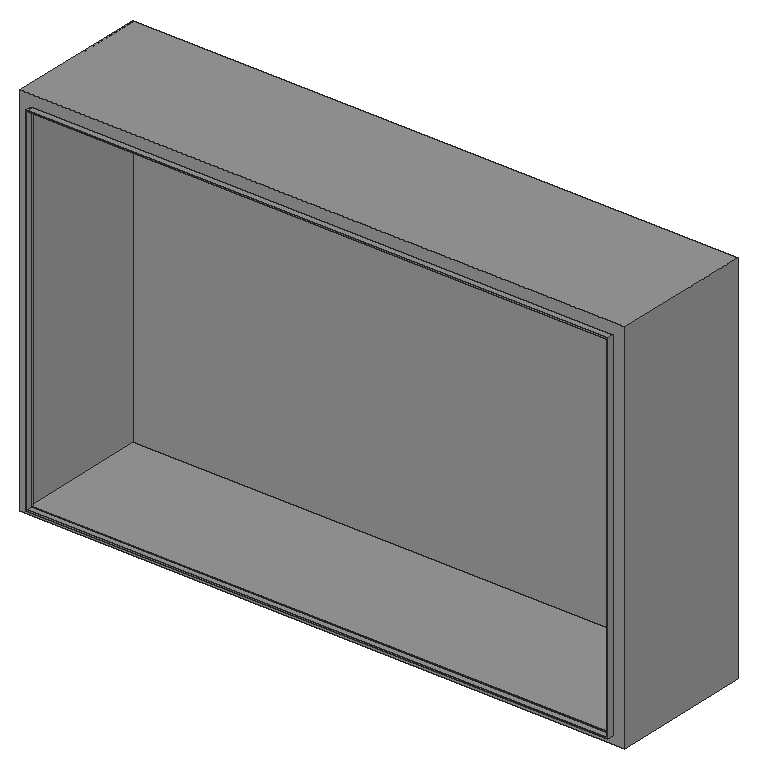
Revit family "Hager-Univers-IP30-D205-H500-Cl.II-Encl-NoHosted-CH-en", category Equipement électrique, Revit 2020
Family settings
  Configuration du panneau = Deux colonnes, circuits au sein
  Cote de connecteur circulaire = Utiliser le diamètre
  Type d'élément = Tableau de raccordement
  Basée sur le plan de construction = Oui
  Toujours verticalement = Oui
  Couper avec des vides une fois chargée = Non
  Partagée = Non
  Point de calcul de pièce = Non
Parameters (values of type "Surface mounted (plaster) IP30 W800 H500 D205  - FP33Q1S")
  Width Control [instance] = if([EF000008 - Width] > Min Width, [EF000008 - Width], Min Width)  # 800 mm
  Commentaires du type = [HG000003 - Range]  # "Univers"
  Thickness Door [instance] = if([EF009171 - Material plate thickness door/cover] > 3 mm, 3 mm, [EF009171 - Material plate thickness door/cover])  # 1 mm
  Seal Frame Offset [instance] = 17 mm  # constant formula
  Plinth Visibility [instance] = [HG000027 - Plinth height] > 0 mm  # no
  Min Width [instance] = 100 mm  # constant formula
  Min Depth [instance] = (2 * [EF009170 - Material plate thickness cabinet]) + 1 mm  # 3 mm
  Min Height [instance] = 100 mm  # constant formula
  Internal Frame Depth [instance] = (Door System Depth * 0.5)  # 9 mm
  Panel Name [instance] = ""  # (empty or 0)
  Model = ""
  HG000027 - Plinth height = 0 mm
  HG000026 - Floor standing = no
  HG000024 - Bottom section height = 600 mm
  HG000023 - Double section enclosure = no
  HG000016 - Door 3d visibility [instance] = yes
  HG000015 - Clearance visibility [instance] = no
  HG000014 - Door on the right [instance] = yes
  HG000013 - Door on the left [instance] = not([HG000014 - Door on the right])  # no
  HG000012 - Door swing angle [instance] = 30.00°
  HG000010 - Asymmetric doors = no
  HG000009 - Double swing door = no
  HG000006 - Flush mounted = no
  HG000004 - Manufacturer reference = "FP33Q1S"
  HG000003 - Range = "Univers"
  HG000002 - With door or cover = no
  Frame Offset Bottom [instance] = 10 mm  # constant formula
  Frame Offset [instance] = 15 mm  # constant formula
  EF015940 - Cover with overpressure release = no
  EF011959 - Degree of protection (NEMA) = ""
  EF009554 - Number of openings for flange plates = 6
  EF009212 - Cover model = "EV009916 - With notch"
  EF009171 - Material plate thickness door/cover = 1 mm
  EF009170 - Material plate thickness cabinet = 1 mm
  EF008873 - Nominal current (In) = 250 A
  EF007800 - Suitable for lightning protection = no
  EF006306 - With lock = no
  EF006244 - Transparent cover/door = no
  EF005474 - Degree of protection (IP) = "EV006410 - IP30"
  EF004464 - Type of door = "EV000494 - None"
  EF004427 - Number of modules = 108
  EF004293 - Impact strength = "EV006813 - IK07"
  EF003532 - Suitable for outdoor use = no
  EF002950 - Width in number of modular spacings = 36
  EF001613 - Circuit integrity = "EV000494 - None"
  EF001596 - Material housing = "EV000179 - Steel"
  EF001131 - Internal depth = 130 mm
  EF001088 - Extension possible = yes
  EF000437 - Number of conduit inlets = 6
  EF000339 - Type of cover = "EV000494 - None"
  EF000266 - Number of rows = 3
  EF000218 - Built-in depth = 0 mm
  EF000118 - With mounting plate = no
  EF000116 - RAL-number = "9010"
  EF000049 - Depth = 205 mm
  EF000040 - Height = 500 mm
  EF000008 - Width = 800 mm
  EF000007 - Colour = "EV000202 - White"
  EF000003 - Mounting method = "EV000384 - Surface mounted (plaster)"
  Door System Leaf Tolerance [instance] = 1.5 mm  # constant formula
  Door System Depth [instance] = 18 mm  # constant formula
  Door Height [instance] = Height Control - [HG000027 - Plinth height]  # 500 mm
  Description = ""
  Default Elevation = 1219.2 mm
  Connector Offset [instance] = Height Control / 2  # 250 mm
  Fabricant = "Hager"  # constant formula
  Height Control [instance] = if([EF000040 - Height] > Min Height, [EF000040 - Height], Min Height)  # 500 mm
  Depth Control [instance] = if([EF000049 - Depth] > Min Depth, [EF000049 - Depth], Min Depth)  # 205 mm
  Bottom Top Plate Trim [instance] = 1.5 mm  # constant formula
  Plinth height Ctrl [instance] = if([HG000027 - Plinth height] > 0 mm, [HG000027 - Plinth height], 12 mm)  # 12 mm
Types (5, lengths in mm): name | Width Control | HG000004 - Manufacturer reference | EF009554 - Number of openings for flange plates | EF004427 - Number of modules | EF002950 - Width in number of modular spacings | EF000437 - Number of conduit inlets | EF000008 - Width
  Surface mounted (plaster) IP30 W1050 H500 D205  - FP34Q1S | 1050 | "FP34Q1S" | 8 | 144 | 48 | 8 | 1050
  Surface mounted (plaster) IP30 W1300 H500 D205  - FP35Q1S | 1300 | "FP35Q1S" | 10 | 180 | 60 | 10 | 1300
  Surface mounted (plaster) IP30 W300 H500 D205  - FP31Q1S | 300 | "FP31Q1S" | 2 | 36 | 12 | 2 | 300
  Surface mounted (plaster) IP30 W550 H500 D205  - FP32Q1S | 550 | "FP32Q1S" | 4 | 72 | 24 | 4 | 550
  Surface mounted (plaster) IP30 W800 H500 D205  - FP33Q1S | 800 | "FP33Q1S" | 6 | 108 | 36 | 6 | 800
Reference planes
  plane 1 "Center (Front/Back)": y = 0
  plane 2: z = 0
  plane 3 "Center (Left/Right)": x = 0
  plane 4: y = 0
  plane 5: y = 0
  plane 6: z = 0
  plane 7: x = -400
  plane 8: x = 400
  plane 9: x = 399
  plane 10: x = -399
  plane 11: z = 0
  plane 12: z = 1
  plane 13: y = -205
  plane 14: y = -1
  plane 15: x = 0
  plane 16: y = -187
  plane 17: y = -204
  plane 18: y = -186
  plane 19: x = -384
  plane 20: x = 384
  plane 21: z = 11
  plane 22: x = -383
  plane 23: x = 383
  plane 24: z = 0
  plane 25: z = 500
  plane 26: z = 500
  plane 27: z = 484
  plane 28: z = 499
Forms (mm)
  Extrusion 1, solid, material "Hager_Steel_RAL7035_Light_Grey", detail levels medium+fine
    sketch origin (-208.679, -4572, 0) x (-1, 0, 0) y (0, -1, 0)
      loop
        line (191.321, -4385) -> (-608.679, -4385) -> (-608.679, -4572) -> (191.321, -4572) -> (191.321, -4385)
    from 0 to 500
  Extrusion 2, void
    sketch origin (-350.771, -205, 1219.2) x (1, 0, 0) y (0, 0, 1)
      loop
        line (-48.229, -720.2) -> (-48.229, -1218.2) -> (749.771, -1218.2) -> (749.771, -720.2) -> (-48.229, -720.2)
    from -19 to -204
  Extrusion 3, void
    sketch origin (-290.084, -187, 1219.2) x (1, 0, 0) y (0, 0, 1)
      loop
        line (-93.916, -1208.2) -> (674.084, -1208.2) -> (674.084, -735.2) -> (-93.916, -735.2) -> (-93.916, -1208.2)
    from 0 to -1
  Extrusion 4, solid, material "Hager_Steel_RAL7035_Light_Grey", visible <- "Plinth Visibility", detail levels medium+fine
    sketch origin (0, 0, 0) x (1, 0, 0) y (0, 1, 0)
      loop
        line (-400, 0) -> (-400, -187) -> (400, -187) -> (400, 0) -> (-400, 0)
    from 0 to 12 <- "Plinth height Ctrl"
  Extrusion 5, solid, material "Hager_Steel_RAL7035_Light_Grey", detail levels coarse
    sketch origin (0, 0, 0) x (1, 0, 0) y (0, 1, 0)
      loop
        line (-400, 0) -> (-400, -205) -> (400, -205) -> (400, 0) -> (-400, 0)
    from 0 to 500 <- "Height Control"
  Sweep 6, void
    path in 3D
      loop
        line (-400, -187, 12) -> (400, -187, 12) -> (400, 0, 12) -> (-400, 0, 12) -> (-400, -187, 12)
    profile origin (-400, -93.5, 12) x (1, 0, 0) y (0, 0, 1)
      loop
        line (0, 0) -> (0, -1.5) -> (1.5, -1.5)
        arc (1.5, -1.5) -> (1.061, -0.439) -> (0, 0) r 1.5
  Extrusion 7, solid, material "Hager_Steel_RAL7035_Light_Grey", detail levels fine
    sketch origin (-400, -187, 0) x (1, 0, 0) y (0, 0, 1)
      loop
        line (16, 11) -> (784, 11) -> (784, 484) -> (16, 484) -> (16, 11)
      loop
        line (15, 10) -> (785, 10) -> (785, 485) -> (15, 485) -> (15, 10)
    from 0 to 9 <- "Internal Frame Depth"
Cuts and joins
  Extrusion 2, Extrusion 3 cuts Extrusion 1
  Sweep 6 cuts Extrusion 4
Lines and regions (mm)
  Masking region 1
    outline origin (0, 0, 0) x (1, 0, 0) y (0, 1, 0)
      loop
        line (-400, 0) -> (-400, -205) -> (400, -205) -> (400, 0) -> (-400, 0)
  Masking region 2, detail levels coarse
    outline origin (-290.084, -187, 1219.2) x (-1, 0, 0) y (0, 0, 1)
      loop
        line (-690.084, -1219.2) -> (109.916, -1219.2) -> (109.916, -719.2) -> (-690.084, -719.2) -> (-690.084, -1219.2)
  Masking region 3, detail levels coarse
    outline origin (0, 0, 0) x (0, 1, 0) y (0, 0, 1)
      loop
        line (0, 0) -> (0, 500) -> (-205, 500) -> (-205, 0) -> (0, 0)
  Masking region 4, visible <- "Plinth Visibility", detail levels medium+fine
    outline origin (0, 0, 0) x (0, 1, 0) y (0, 0, 1)
      loop
        line (-1.5, 12) -> (-185.5, 12)
        arc (-185.5, 12) -> (-185.939, 10.939) -> (-187, 10.5) r 1.5
        line (-187, 10.5) -> (-187, 0) -> (0, 0) -> (0, 10.5)
        arc (0, 10.5) -> (-1.061, 10.939) -> (-1.5, 12) r 1.5
  Masking region 5, detail levels medium+fine
    outline origin (0, 0, 594.038) x (0, 1, 0) y (0, 0, 1)
      loop
        line (0, -594.038) -> (0, -94.038) -> (-187, -94.038) -> (-187, -594.038) -> (0, -594.038)
  Masking region 6, detail levels medium+fine
    outline origin (-359.7, -187, 1211.883) x (-1, 0, 0) y (0, 0, 1)
      loop
        line (-759.7, -1211.883) -> (40.3, -1211.883) -> (40.3, -711.883) -> (-759.7, -711.883) -> (-759.7, -1211.883)
  Masking region 7, visible <- "Plinth Visibility", detail levels medium+fine
    outline origin (-320.334, -187, 1041.368) x (-1, 0, 0) y (0, 0, 1)
      loop
        line (-720.334, -1041.368) -> (79.666, -1041.368) -> (79.666, -1030.868)
        arc (79.666, -1030.868) -> (78.606, -1030.429) -> (78.166, -1029.368) r 1.5
        line (78.166, -1029.368) -> (-718.834, -1029.368)
        arc (-718.834, -1029.368) -> (-719.273, -1030.429) -> (-720.334, -1030.868) r 1.5
        line (-720.334, -1030.868) -> (-720.334, -1041.368)
  sketch lines
    curve 1: line (-400, 0, 12) -> (-400, -187, 12)
    curve 2: line (-400, -187, 12) -> (400, -187, 12)
    curve 3: line (400, 0, 12) -> (-400, 0, 12)
    curve 4: line (400, -187, 12) -> (400, 0, 12)
Dimensions and locks
  locked: plane 1 "Center (Front/Back)" to plane 5
  "EF009170 - Material plate thickness cabinet": plane 7 to plane 10
  "EF009170 - Material plate thickness cabinet": plane 8 to plane 9
  equal spacing: plane 7, plane 3 "Center (Left/Right)", plane 8
  "Width Control": plane 7 to plane 8
  "Depth Control": plane 4 to plane 13
  "EF009170 - Material plate thickness cabinet": plane 4 to plane 14
  "Height Control": plane 25 to level
  "HG000027 - Plinth height": plane 11 to level
  "EF009170 - Material plate thickness cabinet": plane 12 to plane 11
  "EF009170 - Material plate thickness cabinet": plane 17 to plane 13
  "EF009170 - Material plate thickness cabinet": plane 18 to plane 16
  "Frame Offset Bottom": plane 21 to plane 12
  "Frame Offset": plane 10 to plane 19
  "Frame Offset": plane 9 to plane 20
  "Door System Depth": plane 16 to plane 13
  "Seal Frame Offset": plane 7 to plane 22
  "Seal Frame Offset": plane 8 to plane 23
  "EF009170 - Material plate thickness cabinet": plane 26 to plane 28
  "Frame Offset": plane 28 to plane 27
  "Connector Offset": plane 2 to connector elem
  "Bottom Top Plate Trim": profile plane to Sweep 6 sketch curve
  "Bottom Top Plate Trim": Sweep 6 sketch curve to Sweep 6 sketch curve
  "Plinth height Ctrl": Masking region 4 sketch curve to level
  "Plinth height Ctrl": Masking region 7 sketch curve to level
  "Thickness Door": Extrusion 7 sketch curve to Extrusion 7 sketch curve  (x4)
  "Bottom Top Plate Trim": radius of Sweep 6 sketch curve
  "Bottom Top Plate Trim": radius of Masking region 4 sketch curve  (x2)
  "Bottom Top Plate Trim": radius of Masking region 7 sketch curve  (x2)
  aligned and locked: Extrusion 2 sketch curve to plane 12
  aligned and locked: Extrusion 2 sketch curve to plane 9
  aligned and locked: Extrusion 2 sketch curve to plane 10
  aligned and locked: Extrusion 2 to plane 14
  aligned and locked: Extrusion 1 sketch curve to plane 4
  aligned and locked: plane 8 to Extrusion 1 sketch curve
  aligned and locked: plane 7 to Extrusion 1 sketch curve
  aligned and locked: Extrusion 2 to plane 18
  aligned and locked: plane 19 to Extrusion 3 sketch curve
  aligned and locked: plane 20 to Extrusion 3 sketch curve
  aligned and locked: Extrusion 3 to Extrusion 2
  aligned and locked: Extrusion 3 sketch curve to plane 21
  aligned and locked: plane 3 "Center (Left/Right)" to nested 1
  aligned and locked: Extrusion 1 sketch curve to plane 16
  aligned and locked: Extrusion 4 sketch curve to cut or joined group of Extrusion 1, Extrusion 2, Extrusion 3
  aligned and locked: Masking region 1 sketch curve to plane 7
  aligned and locked: Masking region 1 sketch curve to plane 5
  aligned and locked: Masking region 1 sketch curve to plane 8
  aligned and locked: Masking region 2 sketch curve to level
  aligned and locked: level to Masking region 3 sketch curve
  aligned and locked: plane 1 "Center (Front/Back)" to Masking region 3 sketch curve
  aligned and locked: plane 13 to Masking region 3 sketch curve
  aligned and locked: plane 5 to Masking region 4 sketch curve
  aligned and locked: Masking region 2 sketch curve to plane 8
  aligned and locked: Masking region 2 sketch curve to plane 7
  aligned and locked: plane 7 to nested 2
  aligned and locked: nested 2 to plane 5
  aligned and locked: plane 5 to Masking region 5 sketch curve
  aligned and locked: plane 26 to Masking region 5 sketch curve
  aligned and locked: Extrusion 5 sketch curve to plane 8
  aligned and locked: Extrusion 5 sketch curve to plane 7
  aligned and locked: Extrusion 5 sketch curve to plane 5
  aligned and locked: Extrusion 3 sketch curve to plane 27
  aligned and locked: Extrusion 2 sketch curve to plane 28
  aligned and locked: Masking region 2 to plane 25
  aligned and locked: Extrusion 4 to plane 16
  aligned and locked: profile plane to Sweep 6 sketch curve
  aligned and locked: Masking region 5 sketch curve to plane 24
  aligned and locked: level to Masking region 4 sketch curve
  aligned and locked: Masking region 1 to plane 13
  aligned and locked: nested 1 to plane 16
  aligned and locked: Masking region 3 to plane 25
  aligned and locked: plane 16 to Masking region 4 sketch curve
  aligned and locked: Masking region 5 sketch curve to plane 16
  aligned and locked: plane 24 to plane 11
  aligned and locked: plane 26 to plane 25
  aligned and locked: plane 26 to cut or joined group of Extrusion 1, Extrusion 2, Extrusion 3
  aligned and locked: nested 1 to plane 24
  aligned and locked: Extrusion 1 to Extrusion 3
  aligned and locked: Masking region 6 sketch curve to plane 8
  aligned and locked: Masking region 6 sketch curve to plane 24
  aligned and locked: Masking region 6 sketch curve to plane 7
  aligned and locked: Masking region 6 sketch curve to plane 26
  aligned and locked: Masking region 7 sketch curve to plane 7
  aligned and locked: level to Masking region 7 sketch curve
  aligned and locked: Masking region 7 sketch curve to plane 8
  aligned and locked: Extrusion 7 sketch curve to cut or joined group of Extrusion 1, Extrusion 2, Extrusion 3  (x4)
Automatic sketch dimensions
  plane 19 to Extrusion 3 sketch curve = 0 mm
  Extrusion 3 sketch curve to plane 20 = 0 mm
  Extrusion 3 sketch curve to plane 21 = 0 mm
  Extrusion 4 sketch curve to plane 7 = 0 mm
  Extrusion 4 sketch curve to plane 8 = 0 mm
  Extrusion 4 sketch curve to plane 16 = 0 mm
  Masking region 1 sketch curve to plane 13 = 0 mm
  Masking region 2 sketch curve to plane 25 = 0 mm
  Masking region 3 sketch curve to plane 25 = 0 mm
  Extrusion 5 sketch curve to plane 13 = 0 mm
  profile plane to Sweep 6 sketch curve = 0 mm
Nested families
  nested 1: "EC000058_Univers_Door" at (0, -187, 0), Double <- "HG000009 - Double swing door", Transparent <- "EF006244 - Transparent cover/door", Angle <- "HG000012 - Door swing angle", Door_Right <- "HG000014 - Door on the right", Assymetrical <- "HG000010 - Asymmetric doors", Door <- "HG000002 - With door or cover", Width_Ctrl <- "Width Control", 3d_Door <- "HG000016 - Door 3d visibility", Clearance <- "HG000015 - Clearance visibility", Door_Left <- "HG000013 - Door on the left", Width <- "Width Control", Door_Depth <- "Door System Depth", Leaf_Tolerance <- "Door System Leaf Tolerance", Height <- "Door Height", Lock_Visibility <- "EF006306 - With lock", Thickness <- "Thickness Door", type "EC000058_Univers_Door", detail levels medium+fine
    with min_wh 3 mm, Width_Ctrl 800 mm, Width 800 mm, Transparent no, Thickness 1 mm, Seal_Material Hager_Rubber, Lock_Visibility no, Lock_Material Hager_Plastic_RAL9005_Jet_Black, Leaf_Width 800 mm, Leaf_Tolerance_External_Sides 0 mm, Leaf_Tolerance 1.5 mm, Leaf_Offset 0 mm, Leaf_Height 497 mm, Leaf_2_Width 800 mm, Leaf_2_Offset 400 mm, Leaf_1_Width 800 mm, Leaf_1_Offset 400 mm, Height_Ctrl 500 mm, Height 500 mm, Glass_Material Hager_Glass, Double_Clearance_Ctrl no, Double no, Door_Right_Ctrl no, Door_Right yes, Door_Material Hager_Steel_RAL7035_Light_Grey, Door_Left_Ctrl no, Door_Left no, Door_Depth 18 mm, Door no, Clearance_Material Hager_Clearance, Clearance_Depth 800 mm, Clearance_Ctrl no, Clearance no, Assymetrical no, Angle 30.00°, 3d_Door yes
  nested 2: "Hager_Enclosure_Symbol" at (-400, 0, 0), Height <- "Depth Control", Width <- "Width Control", type "Hager_Enclosure_Symbol"
    with Width_Ctrl 800 mm, Width 800 mm, Height_Ctrl 205 mm, Height 205 mm, A_Width_Int 13.453 mm, A_Width 161.438 mm, A_Height_Ctrl 179.375 mm, A_Height 179.375 mm
Connectors
  electrical at (0, 0, 250)
    settings: on plane 1 "Center (Front/Back)", index 1, voltage 0 V, apparent load 0 VA, apparent load phase1 0 VA, apparent load phase2 0 VA, apparent load phase3 0 VA, power factor 1, load classification "Other", number of poles 1, system type 30, power factor state 1, is connector primary yes, connector utility no, sub classification motor no, connector description ""
Definition of nested family "EC000058_Univers_Door"
  Parameters (values of type "EC000058_Univers_Door")
    min_wh [instance] = (2 * Thickness) + 1 mm  # 11 mm
    Width_Ctrl [instance] = 400 mm
    Width [instance] = 500 mm
    Transparent [instance] = yes
    Thickness [instance] = 5 mm
    Seal_Material [instance] = none
    Lock_Visibility [instance] = yes
    Lock_Material [instance] = none
    Leaf_Width [instance] = if((Width_Ctrl - 2 * Leaf_Tolerance_External_Sides) > 0 mm, (Width_Ctrl - 2 * Leaf_Tolerance_External_Sides), min_wh)  # 400 mm
    Leaf_Tolerance_External_Sides [instance] = 0 mm  # constant formula
    Leaf_Tolerance [instance] = 1.5 mm
    Leaf_Offset [instance] = 0 mm  # constant formula
    Leaf_Height [instance] = if((Height_Ctrl - 2 * Leaf_Tolerance) > 0 mm, (Height_Ctrl - 2 * Leaf_Tolerance), min_wh)  # 497 mm
    Leaf_2_Width [instance] = if(and(and(Double, Assymetrical), Door_Left), (Leaf_Width / 3) - (Leaf_Tolerance / 2), if(and(and(Double, Assymetrical), Door_Right), (Leaf_Width / 3) * 2 - (Leaf_Tolerance / 2), if(and(Double, not(Assymetrical)), (Leaf_Width / 2) - Leaf_Tolerance, Leaf_Width)))  # 400 mm
    Leaf_2_Offset [instance] = if(and(Double, Assymetrical), Leaf_2_Width / 2, if(and(Double, not(Assymetrical)), Leaf_Width / 4, Leaf_Width / 2))  # 200 mm
    Leaf_1_Width [instance] = if(and(and(Double, Assymetrical), Door_Right), (Leaf_Width / 3) - (Leaf_Tolerance / 2), if(and(and(Double, Assymetrical), Door_Left), (Width / 3) * 2 - (Leaf_Tolerance / 2), if(and(Double, not(Assymetrical)), (Leaf_Width / 2) - Leaf_Tolerance, Leaf_Width)))  # 400 mm
    Leaf_1_Offset [instance] = if(and(Double, Assymetrical), Leaf_1_Width / 2, if(and(Double, not(Assymetrical)), Leaf_Width / 4, Leaf_Width / 2))  # 200 mm
    Height_Ctrl [instance] = if(Height > min_wh, Height, min_wh)  # 500 mm
    Height [instance] = 500 mm
    Glass_Material [instance] = none
    Double_Clearance_Ctrl [instance] = and(Double, Clearance)  # no
    Double [instance] = no
    Door_Right_Ctrl [instance] = and(or(Door_Right, Double), Door)  # yes
    Door_Right [instance] = yes
    Door_Material [instance] = none
    Door_Left_Ctrl [instance] = and(or(Door_Left, Double), Door)  # no
    Door_Left [instance] = no
    Door_Depth [instance] = 30 mm
    Door [instance] = yes
    Default Elevation = 1219.2 mm
    Clearance_Material [instance] = none
    Clearance_Depth [instance] = if(Leaf_1_Width > Leaf_2_Width, Leaf_1_Width, Leaf_2_Width)  # 400 mm
    Clearance_Ctrl [instance] = and(not(Double), Clearance)  # yes
    Clearance [instance] = yes
    Assymetrical [instance] = yes
    Angle [instance] = 30.00°
    3d_Door [instance] = yes
  Reference planes
    plane 1 "Center (Front/Back)": y = 0
    plane 2 "Bottom": z = 0
    plane 3 "Center (Left/Right)": x = 0
    plane 4: z = 500
    plane 5: x = -200
    plane 6: x = 200
    plane 7: z = 500
    plane 8: x = -200
    plane 9: z = 0
    plane 10: x = 200
    plane 11: y = 0
    plane 12: z = 1.5
    plane 13: x = -600
    plane 14: y = -400
    plane 15: x = 600
    plane 16: x = 0
    plane 17: x = 0
    plane 18: x = -200
    plane 19: x = 200
    plane 20: z = 498.5
  Forms (mm)
    Extrusion 1, solid, material <- "Clearance_Material", visible <- "Double_Clearance_Ctrl"
      sketch origin (1200, 0, 0) x (1, 0, 0) y (0, 0, -1)
        loop
          line (-1800, -498.5) -> (-600, -498.5) -> (-600, 0) -> (-1800, 0) -> (-1800, -498.5)
      from 0 to -400
  Dimensions and locks
    equal spacing: plane 5, plane 3 "Center (Left/Right)", plane 6
    "Width_Ctrl": plane 5 to plane 6
    "Leaf_Offset": plane 5 to plane 8
    "Leaf_Offset": plane 6 to plane 10
    "Leaf_Offset": plane 9 to level
    "Leaf_Offset": plane 4 to plane 7
    "Height_Ctrl": plane 4 to level
    "Leaf_Tolerance": plane 12 to plane 9
    locked: plane 11 to plane 1 "Center (Front/Back)"
    "Leaf_1_Offset": plane 18 to plane 16
    "Leaf_2_Offset": plane 17 to plane 19
    "Leaf_1_Width": plane 13 to plane 8
    "Leaf_2_Width": plane 10 to plane 15
    "Clearance_Depth": plane 14 to plane 1 "Center (Front/Back)"
    "Leaf_Tolerance_External_Sides": plane 8 to plane 18
    "Leaf_Tolerance_External_Sides": plane 19 to plane 10
    "Leaf_Tolerance": plane 7 to plane 20
    aligned and locked: level to plane 2 "Bottom"
    aligned and locked: nested 1 to plane 16
    aligned and locked: nested 2 to plane 17
    aligned and locked: Extrusion 1 to plane 13
    aligned and locked: plane 15 to Extrusion 1
    aligned and locked: Extrusion 1 to plane 14
    aligned and locked: plane 12 to nested 1
    aligned and locked: nested 2 to plane 12
    aligned and locked: Extrusion 1 to plane 11
    aligned and locked: plane 20 to Extrusion 1
    aligned and locked: nested 2 to plane 11
    aligned and locked: nested 1 to plane 11
  Automatic sketch dimensions
    Extrusion 1 sketch curve to level = 0 mm
    plane 5 to Extrusion 1 sketch curve = 400 mm
    plane 6 to Extrusion 1 sketch curve = 400 mm
    Extrusion 1 sketch curve to plane 4 = 1.5 mm
  Nested families
    nested 1: "EC000058_Univers_Door_Leaf" at (0, 0, 1.5), Width <- "Leaf_1_Width", visible <- "Door_Left_Ctrl", Leaf_Height <- "Leaf_Height", Angle <- "Angle", 3d_Door <- "3d_Door", Transparent <- "Transparent", Clearance Material <- "Clearance_Material", Clearance <- "Clearance_Ctrl", Door_Material <- "Door_Material", Glass_Material <- "Glass_Material", Door_Depth <- "Door_Depth", Lock_Material <- "Lock_Material", Seal_Material <- "Seal_Material", Lock_Visibility <- "Lock_Visibility", Thickness <- "Thickness", type "EC000058_Univers_Door_Leaf"
      with Width 400 mm, Transparent_Glass_Offset 30 mm, Transparent_Ctrl yes, Transparent yes, Thickness 5 mm, Standard no, Seal_Material none, Seal_D2 8 mm, Seal_D1 1 mm, Offset_Internal_Frame 10 mm, Lock_Width 20 mm, Lock_Visibility_3d yes, Lock_Visibility yes, Lock_Thickness_3 3 mm, Lock_Thickness_2 1 mm, Lock_Thickness_1 3 mm, Lock_Radius_Offset_2 16 mm, Lock_Radius_Offset_1 15 mm, Lock_Radius_2 5 mm, Lock_Radius 6 mm, Lock_Offset 5 mm, Lock_Material none, Lock_Height 80 mm, Lock_Cover_Top_Offset_2d 17 mm, Lock_Cover_Height -65 mm, Leaf_Height 497 mm, Internal_Seal_Thickness 8 mm, Internal_Seal_Depth_2 4.5 mm, Internal_Frame_Depth 25 mm, Glass_Thickness -1 mm, Glass_Offset -2 mm, Glass_Material none, Door_Material none, Door_Depth 30 mm, Clearance Material none, Clearance yes, Angle_Ctrl 30.00°, Angle 30.00°, 3d_Door yes
    nested 2: "EC000058_Univers_Door_Leaf" at (0, 0, 1.5) x (-1, 0, 0) z (0, 0, 1), Width <- "Leaf_2_Width", visible <- "Door_Right_Ctrl", Leaf_Height <- "Leaf_Height", Angle <- "Angle", 3d_Door <- "3d_Door", Transparent <- "Transparent", Clearance Material <- "Clearance_Material", Clearance <- "Clearance_Ctrl", Door_Material <- "Door_Material", Glass_Material <- "Glass_Material", Door_Depth <- "Door_Depth", Lock_Material <- "Lock_Material", Seal_Material <- "Seal_Material", Lock_Visibility <- "Lock_Visibility", Thickness <- "Thickness", type "EC000058_Univers_Door_Leaf"
      with Width 400 mm, Transparent_Glass_Offset 30 mm, Transparent_Ctrl yes, Transparent yes, Thickness 5 mm, Standard no, Seal_Material none, Seal_D2 8 mm, Seal_D1 1 mm, Offset_Internal_Frame 10 mm, Lock_Width 20 mm, Lock_Visibility_3d yes, Lock_Visibility yes, Lock_Thickness_3 3 mm, Lock_Thickness_2 1 mm, Lock_Thickness_1 3 mm, Lock_Radius_Offset_2 16 mm, Lock_Radius_Offset_1 15 mm, Lock_Radius_2 5 mm, Lock_Radius 6 mm, Lock_Offset 5 mm, Lock_Material none, Lock_Height 80 mm, Lock_Cover_Top_Offset_2d 17 mm, Lock_Cover_Height -65 mm, Leaf_Height 497 mm, Internal_Seal_Thickness 8 mm, Internal_Seal_Depth_2 4.5 mm, Internal_Frame_Depth 25 mm, Glass_Thickness -1 mm, Glass_Offset -2 mm, Glass_Material none, Door_Material none, Door_Depth 30 mm, Clearance Material none, Clearance yes, Angle_Ctrl 30.00°, Angle 30.00°, 3d_Door yes
  Definition of nested family "EC000058_Univers_Door_Leaf"
    Parameters (values of type "EC000058_Univers_Door_Leaf")
      Width [instance] = 2000 mm
      Transparent_Glass_Offset [instance] = 30 mm
      Transparent_Ctrl [instance] = and(Transparent, [3d_Door])  # yes
      Transparent [instance] = yes
      Thickness [instance] = 5 mm
      Standard [instance] = and(not(Transparent), [3d_Door])  # no
      Seal_Material [instance] = none
      Seal_D2 [instance] = 8 mm  # constant formula
      Seal_D1 [instance] = 1 mm  # constant formula
      Offset_Internal_Frame [instance] = 10 mm  # constant formula
      Lock_Width [instance] = 20 mm  # constant formula
      Lock_Visibility_3d [instance] = and(Lock_Visibility, [3d_Door])  # yes
      Lock_Visibility [instance] = yes
      Lock_Thickness_3 [instance] = 3 mm  # constant formula
      Lock_Thickness_2 [instance] = 1 mm  # constant formula
      Lock_Thickness_1 [instance] = 3 mm  # constant formula
      Lock_Radius_Offset_2 [instance] = Lock_Radius_Offset_1 + 1 mm  # 16 mm
      Lock_Radius_Offset_1 [instance] = 15 mm  # constant formula
      Lock_Radius_2 [instance] = Lock_Radius - 1 mm  # 5 mm
      Lock_Radius [instance] = 6 mm  # constant formula
      Lock_Offset [instance] = 5 mm  # constant formula
      Lock_Material [instance] = none
      Lock_Height [instance] = 80 mm  # constant formula
      Lock_Cover_Top_Offset_2d [instance] = Lock_Radius_Offset_2 + 1 mm  # 17 mm
      Lock_Cover_Height [instance] = -(Lock_Height - Lock_Radius_Offset_1)  # -65 mm
      Leaf_Height [instance] = 2720.336 mm
      Internal_Seal_Thickness [instance] = 8 mm  # constant formula
      Internal_Seal_Depth_2 [instance] = 4.5 mm  # constant formula
      Internal_Frame_Depth [instance] = if(Door_Depth - Thickness > 5 mm, Door_Depth - Thickness, 5 mm)  # 25 mm
      Glass_Thickness [instance] = if(Thickness > 15 mm, Glass_Offset + 10 mm, -1 mm)  # -1 mm
      Glass_Offset [instance] = if(Thickness > 15 mm, -(Thickness + 10 mm) / 2, -2 mm)  # -2 mm
      Glass_Material [instance] = none
      Door_Material [instance] = none
      Door_Depth [instance] = 30 mm
      Default Elevation = 0 mm
      Clearance Material [instance] = none
      Clearance [instance] = yes
      Angle_Ctrl [instance] = if(Angle > 180.00°, 180.00°, Angle)  # 90.00°
      Angle [instance] = 90.00°
      3d_Door [instance] = yes
    Reference planes
      plane 1 "Center (Front/Back)": y = 0
      plane 2: z = 0
      plane 3 "Center (Left/Right)": x = 0
      plane 4: y = 2000
      plane 5: x = -1000
      plane 6: x = 1000
      plane 7: x = -3000
      plane 8: z = 2720.336
      plane 9: z = 30
      plane 10: z = 2690.336
      plane 11: x = 970
      plane 12: x = -970
      plane 13: y = -3
      plane 14: z = 107.833
      plane 15: y = -5
      plane 16: y = -223.314
      plane 17: x = -1000
      plane 18: z = 1360.168
      plane 19: y = 30
    Forms (mm)
      Extrusion 1, solid, material <- "Clearance Material", visible <- "Clearance"
        sketch origin (0, 0, 0) x (1, 0, 0) y (0, 0, 1)
          loop
            line (-3000, 2720.336) -> (-3000, 0) -> (1000, 0) -> (1000, 2720.336) -> (-3000, 2720.336)
        from 0 to -2000
      Extrusion 2, solid, material <- "Door_Material", visible <- "Standard", detail levels medium+fine
        sketch origin (-1000, 0, 0) x (0, 1, 0) y (-1, 0, 0)
          loop
            line (0, 30) -> (0, 25) -> (2000, 25) -> (2000, 30) -> (0, 30)
        from 0 to 2720.336 <- "Leaf_Height"
      Extrusion 3, solid, material <- "Door_Material", visible <- "Transparent_Ctrl", detail levels medium+fine
        sketch origin (-1000, 0, 0) x (0, 1, 0) y (-1, 0, 0)
          loop
            line (0, 25) -> (2000, 25) -> (2000, 30) -> (0, 30) -> (0, 25)
        from 0 to 2720.336 <- "Leaf_Height"
      Extrusion 4, void
        sketch origin (-1025, 2000, 0) x (0, 1, 0) y (0, 0, -1)
          loop
            line (-30, -2690.336) -> (-30, -30) -> (-1970, -30) -> (-1970, -2690.336) -> (-30, -2690.336)
        from 0 to 5 <- "Thickness"
      Sweep 5, solid, material <- "Seal_Material", visible <- "Transparent_Ctrl", detail levels fine
        path in 3D
          loop
            line (-1025, 30, 30) -> (-1025, 30, 2690.336) -> (-1025, 1970, 2690.336) -> (-1025, 1970, 30) -> (-1025, 30, 30)
        profile origin (-1025, 1000, 30) x (1, 0, 0) y (0, 0, 1)
          loop
            line (0, 0) -> (0, -8) -> (1, -8) -> (1, 0) -> (0, 0)
      Extrusion 6, solid, material <- "Glass_Material", visible <- "Transparent_Ctrl", detail levels medium+fine
        sketch origin (-1030, 0, 0) x (0, 1, 0) y (0, 0, -1)
          loop
            line (1970, -2690.336) -> (1970, -30) -> (30, -30) -> (30, -2690.336) -> (1970, -2690.336)
        from -2 <- "Glass_Offset" to -1 <- "Glass_Thickness"
      Extrusion 7, solid, material <- "Door_Material", visible <- "3d_Door", detail levels medium+fine
        sketch origin (-1025, 2000, 0) x (0, -1, 0) y (0, 0, -1)
          loop
            line (0, -2720.336) -> (2000, -2720.336) -> (2000, 0) -> (0, 0) -> (0, -2720.336)
          loop
            line (1995, -5) -> (5, -5) -> (5, -2715.336) -> (1995, -2715.336) -> (1995, -5)
        from 0 to 25 <- "Internal_Frame_Depth"
      Sweep 8, solid, material <- "Seal_Material", visible <- "Transparent_Ctrl", detail levels fine
        path in 3D
          loop
            line (-1025, 0, 0) -> (-1025, 2000, 0) -> (-1025, 2000, 2720.336) -> (-1025, 0, 2720.336) -> (-1025, 0, 0)
        profile origin (-1025, 0, 1360.168) x (1, 0, 0) y (0, 1, 0)
          loop
            line (0, 10) -> (2.975, 10)
            arc (2.975, 10) -> (4.053, 10.447) -> (4.5, 11.525) r 1.525
            line (4.5, 11.525) -> (4.5, 16.527)
            arc (4.5, 16.527) -> (4.069, 17.569) -> (3.027, 18) r 1.473
            line (3.027, 18) -> (0, 18) -> (0, 10)
      Extrusion 9, solid, material <- "Lock_Material", visible <- "Lock_Visibility_3d", detail levels fine
        sketch origin (-1030, 0, 0) x (0, 1, 0) y (0, 0, -1)
          loop
            arc (1993.5, -1400.168) -> (1994.561, -1399.729) -> (1995, -1398.668) r 1.5
            line (1995, -1398.668) -> (1995, -1320.168) -> (1975, -1320.168) -> (1975, -1398.668)
            arc (1975, -1398.668) -> (1975.439, -1399.729) -> (1976.5, -1400.168) r 1.5
            line (1976.5, -1400.168) -> (1993.5, -1400.168)
        from 3 <- "Lock_Thickness_1" to 0
      Blend 10, solid, material <- "Lock_Material", visible <- "Lock_Visibility_3d", detail levels fine
        base sketch origin (-1033, 0, 0) x (0, 1, 0) y (0, 0, -1)
          loop
            line (1975, -1320.168) -> (1975, -1398.668)
            arc (1975, -1398.668) -> (1975.439, -1399.729) -> (1976.5, -1400.168) r 1.5
            line (1976.5, -1400.168) -> (1993.5, -1400.168)
            arc (1993.5, -1400.168) -> (1994.561, -1399.729) -> (1995, -1398.668) r 1.5
            line (1995, -1398.668) -> (1995, -1320.168) -> (1975, -1320.168)
        top sketch origin (-1033, 0, 0) x (0, 1, 0) y (0, 0, -1)
          loop
            line (1976, -1320.168) -> (1976, -1398.668)
            arc (1976, -1398.668) -> (1976.146, -1399.022) -> (1976.5, -1399.168) r 0.5
            line (1976.5, -1399.168) -> (1993.5, -1399.168)
            arc (1993.5, -1399.168) -> (1993.854, -1399.022) -> (1994, -1398.668) r 0.5
            line (1994, -1398.668) -> (1994, -1320.168) -> (1976, -1320.168)
        from 0 to 1 <- "Lock_Thickness_2"
      Blend 11, solid, material <- "Lock_Material", visible <- "Lock_Visibility_3d", detail levels fine
        base sketch origin (-1034, 0, 0) x (0, 1, 0) y (0, 0, -1)
          loop
            line (1978, -1320.168) -> (1978, -1384.168)
            arc (1978, -1384.168) -> (1985, -1391.168) -> (1992, -1384.168) r 7
            line (1992, -1384.168) -> (1992, -1320.168) -> (1978, -1320.168)
        top sketch origin (-1034, 0, 0) x (0, 1, 0) y (0, 0, -1)
          loop
            line (1991, -1320.168) -> (1979, -1320.168) -> (1979, -1383.168)
            arc (1979, -1383.168) -> (1985, -1389.168) -> (1991, -1383.168) r 6
            line (1991, -1383.168) -> (1991, -1320.168)
        from 0 to 3 <- "Lock_Thickness_3"
      Extrusion 12, solid, material <- "Lock_Material", visible <- "Lock_Visibility_3d", detail levels fine
        sketch origin (-1030, 1975, 1320.168) x (1, 0, 0) y (0, -1, 0)
          loop
            line (-7, -19) -> (-7, -1) -> (0, -1) -> (0, 0) -> (-8, 0) -> (-8, -20) -> (0, -20) -> (0, -19) -> (-7, -19)
        from 0 to -65 <- "Lock_Cover_Height"
      Extrusion 13, void
        sketch origin (-1038, 1995, 1320.168) x (-1, 0, 0) y (0, 0, -1)
          loop
            line (-5, -65) -> (0, -65) -> (-5, -60) -> (-5, -65)
        from 0 to 20 <- "Lock_Width"
      Extrusion 14, void
        sketch origin (-1038, 1975, 1320.168) x (0, -1, 0) y (0, 0, -1)
          loop
            circle (-10, -15.995) r 6
          loop
            circle (-10, -15.995) r 5
        from 0 to 2
      Extrusion 15, solid, material <- "Lock_Material", visible <- "Lock_Visibility_3d", detail levels medium
        sketch origin (-1030, 0, 0) x (0, 1, 0) y (0, 0, -1)
          loop
            arc (1993.5, -1400.168) -> (1994.561, -1399.729) -> (1995, -1398.668) r 1.5
            line (1995, -1398.668) -> (1995, -1320.168) -> (1975, -1320.168) -> (1975, -1398.668)
            arc (1975, -1398.668) -> (1975.439, -1399.729) -> (1976.5, -1400.168) r 1.5
            line (1976.5, -1400.168) -> (1993.5, -1400.168)
        from 8 to 0
    Cuts and joins
      Extrusion 4 cuts Extrusion 3
      Extrusion 13, Extrusion 14 cuts Extrusion 9
      Extrusion 14 cuts Blend 11
      Extrusion 13, Extrusion 14 cuts Extrusion 12
      joined: Extrusion 9, Blend 10, Blend 11, Extrusion 12
      Extrusion 14 cuts Extrusion 15
    Lines and regions (mm)
      Masking region 1, visible <- "Lock_Visibility", detail levels fine
        outline origin (0, 0, 0) x (0, 1, 0) y (0, 0, 1)
          loop
            line (30, 1320.168) -> (33, 1320.168) -> (33, 1400.168) -> (30, 1400.168) -> (30, 1320.168)
      Masking region 2, visible <- "Lock_Visibility", detail levels fine
        outline origin (0, 3.143, 0) x (0, 1, 0) y (0, 0, 1)
          loop
            line (29.857, 1354.168) -> (30.857, 1354.168) -> (30.857, 1366.168) -> (29.857, 1366.168) -> (29.857, 1354.168)
      Masking region 3, detail levels medium+fine
        outline origin (0, 0, 0) x (0, 1, 0) y (0, 0, 1)
          loop
            line (0, 0) -> (30, 0) -> (30, 2720.336) -> (0, 2720.336) -> (0, 0)
      Masking region 4, detail levels medium+fine
        outline origin (0, 0, 0) x (1, 0, 0) y (0, 0, 1)
          loop
            line (-1000, 2720.336) -> (-1000, 0) -> (1000, 0) -> (1000, 2720.336) -> (-1000, 2720.336)
      Masking region 5, visible <- "Lock_Visibility", detail levels fine
        outline origin (-47.116, 0, 0) x (1, 0, 0) y (0, 0, 1)
          loop
            arc (1024.616, 1399.168) -> (1023.556, 1398.729) -> (1023.116, 1397.668) r 1.5
            line (1023.116, 1397.668) -> (1023.116, 1320.168) -> (1041.116, 1320.168) -> (1041.116, 1397.668)
            arc (1041.116, 1397.668) -> (1040.677, 1398.729) -> (1039.616, 1399.168) r 1.5
            line (1039.616, 1399.168) -> (1024.616, 1399.168)
      Masking region 6, visible <- "Lock_Visibility", detail levels medium+fine
        outline origin (-25, 0, 0) x (1, 0, 0) y (0, 0, 1)
          loop
            arc (1001.5, 1400.168) -> (1000.439, 1399.729) -> (1000, 1398.668) r 1.5
            line (1000, 1398.668) -> (1000, 1320.168) -> (1020, 1320.168) -> (1020, 1398.668)
            arc (1020, 1398.668) -> (1019.561, 1399.729) -> (1018.5, 1400.168) r 1.5
            line (1018.5, 1400.168) -> (1001.5, 1400.168)
      Masking region 7, visible <- "Lock_Visibility", detail levels fine
        outline origin (-73.735, 0, 0) x (1, 0, 0) y (0, 0, 1)
          loop
            line (1051.735, 1382.168) -> (1065.735, 1382.168) -> (1065.735, 1384.168)
            arc (1065.735, 1384.168) -> (1058.735, 1391.168) -> (1051.735, 1384.168) r 7
            line (1051.735, 1384.168) -> (1051.735, 1382.168)
      Masking region 8, visible <- "Lock_Visibility", detail levels fine
        outline origin (-73.735, 0, 0) x (1, 0, 0) y (0, 0, 1)
          loop
            line (1052.735, 1382.168) -> (1064.735, 1382.168) -> (1064.735, 1383.168)
            arc (1064.735, 1383.168) -> (1058.735, 1389.168) -> (1052.735, 1383.168) r 6
            line (1052.735, 1383.168) -> (1052.735, 1382.168)
      Masking region 9, visible <- "Lock_Visibility", detail levels fine
        outline origin (-25, 0, 0) x (1, 0, 0) y (0, 0, 1)
          loop
            line (1020, 1320.168) -> (1020, 1382.168) -> (1000, 1382.168) -> (1000, 1320.168) -> (1020, 1320.168)
      Masking region 10, detail levels medium+fine
        outline origin (0, 0, 0) x (1, 0, 0) y (0, 0, 1)
          loop
            circle (985, 1335.144) r 6
      Masking region 11, detail levels fine
        outline origin (0, 0, 0) x (1, 0, 0) y (0, 0, 1)
          loop
            circle (985, 1335.144) r 5
      Masking region 12, visible <- "Lock_Visibility", detail levels fine
        outline origin (0, 12.767, 0) x (0, 1, 0) y (0, 0, 1)
          loop
            line (20.233, 1320.168) -> (21.233, 1320.168) -> (21.233, 1399.168) -> (20.233, 1400.168) -> (20.233, 1320.168)
      Masking region 13, visible <- "Lock_Visibility", detail levels fine
        outline origin (0, 13.767, -10) x (0, 1, 0) y (0, 0, 1)
          loop
            line (20.233, 1330.168) -> (23.233, 1330.168) -> (23.233, 1399.168) -> (20.233, 1402.168) -> (20.233, 1330.168)
      Masking region 14, visible <- "Lock_Visibility", detail levels fine
        outline origin (0, 12.767, -10) x (0, 1, 0) y (0, 0, 1)
          loop
            line (20.233, 1330.168) -> (25.233, 1330.168) -> (25.233, 1399.305) -> (20.233, 1394.305) -> (20.233, 1330.168)
      Masking region 15, visible <- "Lock_Visibility", detail levels medium
        outline origin (0, 0, 0) x (0, 1, 0) y (0, 0, 1)
          loop
            line (30, 1320.168) -> (38, 1320.168) -> (38, 1400.168) -> (30, 1400.168) -> (30, 1320.168)
      Masking region 16, visible <- "Lock_Visibility", detail levels fine
        outline origin (-1000, 0, 0) x (0, 1, 0) y (-1, 0, 0)
          loop
            line (1975, 30) -> (1995, 30) -> (1995, 38) -> (1975, 38) -> (1975, 30)
          loop
            line (1979, 37) -> (1976, 37) -> (1976, 34) -> (1978, 34) -> (1979, 37)
          loop
            line (1994, 37) -> (1991, 37) -> (1992, 34) -> (1994, 34) -> (1994, 37)
      Masking region 17, visible <- "Lock_Visibility", detail levels medium
        outline origin (-1000, 0, 0) x (0, 1, 0) y (-1, 0, 0)
          loop
            line (1975, 30) -> (1995, 30) -> (1995, 38) -> (1975, 38) -> (1975, 30)
      symbolic lines
        curve 1: line (1000, 0, 0) -> (-3000, 0, 0)
        curve 2: arc (1000, 0, 0) -> (-1000, 2000, 0) -> (-3000, 0, 0) r 2000
        curve 4: line (-1030, 0, 0) -> (-1030, 2000, 0)
      reference lines
        curve 3: line (-1000, 0, 0) -> (-1000, 2000, 0)
      symbolic lines, detail levels medium+fine
        curve 5: line (-1030, 2000, 0) -> (-1025, 2000, 0)
        curve 7: line (-1025, 0, 0) -> (-1030, 0, 0)
        curve 8: line (-1025, 0, 0) -> (-1000, 0, 0)
        curve 9: line (-1000, 0, 0) -> (-1000, 2000, 0)
        curve 10: line (-1000, 2000, 0) -> (-1025, 2000, 0)
      symbolic lines, detail levels fine
        curve 6: line (-1025, 2000, 0) -> (-1025, 0, 0)
      sketch lines
        curve 11: line (-1025, 0, 2720.336) -> (-1025, 0, 0)
        curve 12: line (-1025, 2000, 0) -> (-1025, 0, 0)
        curve 13: line (-1025, 2000, 2720.336) -> (-1025, 2000, 0)
        curve 14: line (-1025, 0, 2720.336) -> (-1025, 2000, 2720.336)
        curve 15: line (-1025, 1970, 30) -> (-1025, 30, 30)
        curve 16: line (-1025, 30, 30) -> (-1025, 30, 2690.336)
        curve 17: line (-1025, 1970, 2690.336) -> (-1025, 1970, 30)
        curve 18: line (-1025, 30, 2690.336) -> (-1025, 1970, 2690.336)
      symbolic lines, visible <- "Transparent", detail levels medium+fine
        curve 19: line (-970, 0, 2690.336) -> (970, 0, 2690.336)
        curve 20: line (-970, 0, 30) -> (-970, 0, 2690.336)
        curve 21: line (970, 0, 30) -> (-970, 0, 30)
        curve 22: line (970, 0, 2690.336) -> (970, 0, 30)
    Dimensions and locks
      "Width": plane 1 "Center (Front/Back)" to plane 4
      equal spacing: plane 5, plane 3 "Center (Left/Right)", plane 6
      "Width": plane 5 to plane 6
      "Width": plane 7 to plane 5
      "Leaf_Height": plane 8 to level
      "Width": curve 5 to curve 3
      "Width": curve 3 to curve 3
      plane 8 to plane 10 = 30 mm
      plane 9 to level = 30 mm
      plane 12 to plane 5 = 30 mm
      plane 6 to plane 11 = 30 mm
      Extrusion 1 to Extrusion 4 sketch curve = 30 mm
      "Transparent_Glass_Offset": curve 3 to Extrusion 4 sketch curve
      "Transparent_Glass_Offset": Extrusion 4 sketch curve to cut or joined group of Extrusion 3, Extrusion 4  (x2)
      cut or joined group of Extrusion 3, Extrusion 4 to Extrusion 6 sketch curve = 30 mm
      "Transparent_Glass_Offset": cut or joined group of Extrusion 3, Extrusion 4 to Extrusion 4 sketch curve
      "Thickness": curve 6 to curve 4
      "Thickness": Extrusion 7 sketch curve to Extrusion 7 sketch curve  (x4)
      "Door_Depth": curve 4 to curve 3
      "Offset_Internal_Frame": profile plane to Sweep 8 sketch curve
      "Internal_Seal_Thickness": Sweep 8 sketch curve to Sweep 8 sketch curve
      "Internal_Seal_Depth_2": profile plane to Sweep 8 sketch curve
      "Seal_D1": profile plane to Sweep 5 sketch curve
      "Seal_D2": profile plane to Sweep 5 sketch curve
      "Thickness": Extrusion 2 sketch curve to Extrusion 2 sketch curve
      equal spacing: Extrusion 9 sketch curve, plane 18, Extrusion 9 sketch curve  (x2)
      equal spacing: Masking region 1 sketch curve, plane 18, Masking region 1 sketch curve
      "Lock_Height": Masking region 1 sketch curve to Masking region 1 sketch curve
      "Lock_Radius": Masking region 2 sketch curve to plane 18 to Masking region 2 sketch curve
      Masking region 2 sketch curve to Masking region 1 = 1 mm
      "Door_Depth": plane 19 to plane 1 "Center (Front/Back)"
      "Lock_Thickness_1": Masking region 1 sketch curve to plane 19
      "Lock_Width": Extrusion 9 sketch curve to Extrusion 9 sketch curve
      "Lock_Height": Extrusion 9 sketch curve to Extrusion 9 sketch curve
      "Lock_Offset": cut or joined group of Extrusion 3, Extrusion 4 to Extrusion 9 sketch curve
      equal spacing: plane 8, plane 18, level
      "Lock_Radius_Offset_1": Blend 11 sketch curve to Blend 10
      locked: Blend 10 to Blend 11 sketch curve at 2  (x2)
      locked: var sketch to Blend 11 sketch curve at 1  (x2)
      "Lock_Radius_Offset_2": Blend 11 sketch curve to Blend 10
      locked: Extrusion 12 sketch curve to Extrusion 12 sketch curve at 1  (x3)
      Masking region 6 sketch curve to Masking region 6 sketch curve = 80 mm
      "Lock_Height": Masking region 6 sketch curve to Masking region 6 sketch curve
      "Lock_Width": Masking region 6 sketch curve to Masking region 6 sketch curve
      locked: Masking region 6 to Masking region 5 sketch curve at 1  (x3)
      locked: Masking region 5 to Masking region 7 sketch curve at 2  (x2)
      "Lock_Radius_Offset_1": Masking region 5 to Masking region 7 sketch curve
      "Lock_Radius_Offset_2": Masking region 5 to Masking region 8 sketch curve
      locked: Masking region 7 to Masking region 8 sketch curve at 1  (x2)
      "Lock_Cover_Top_Offset_2d": Masking region 5 to Masking region 9 sketch curve
      equal spacing: Masking region 9, Masking region 10 sketch curve, Masking region 9
      equal spacing: Masking region 9, Masking region 11 sketch curve, Masking region 9
      Extrusion 15 sketch curve to Extrusion 15 sketch curve = 80 mm
      "Lock_Width": Extrusion 15 sketch curve to Extrusion 15 sketch curve
      "Lock_Height": Extrusion 15 sketch curve to Extrusion 15 sketch curve
      equal spacing: Extrusion 15 sketch curve, plane 18, Extrusion 15 sketch curve
      "Lock_Thickness_3": Masking region 13 sketch curve to Masking region 13 sketch curve
      "Lock_Height": Masking region 12 sketch curve to Masking region 12 sketch curve
      locked: Masking region 13 sketch curve to Masking region 1 at 8
      locked: Masking region 14 sketch curve to Masking region 13 at 1
      locked: Masking region 14 sketch curve to Masking region 1 at 10.863
      "Lock_Height": Masking region 15 sketch curve to Masking region 15 sketch curve
      "Lock_Offset": Extrusion 15 sketch curve to cut or joined group of Extrusion 3, Extrusion 4
      "Lock_Offset": plane 6 to Masking region 6 sketch curve
      radius of Sweep 8 sketch curve = 1.525 mm
      radius of Sweep 8 sketch curve = 1.473 mm
      radius of Extrusion 9 sketch curve = 1.5 mm  (x2)
      "Lock_Radius": radius of Extrusion 14 sketch curve
      "Lock_Radius_2": radius of Extrusion 14 sketch curve
      "Lock_Radius": radius of Masking region 10 sketch curve
      "Lock_Radius_2": radius of Masking region 11 sketch curve
      radius of Extrusion 15 sketch curve = 1.5 mm  (x2)
      "Angle_Ctrl": angle plane 1 "Center (Front/Back)" to curve 3
      locked: Masking region 12 sketch curve to Masking region 12 sketch curve (angle 45.00°)
      locked: Masking region 13 sketch curve to Masking region 13 sketch curve (angle 45.00°)
      locked: Masking region 14 sketch curve to Masking region 14 sketch curve (angle 45.00°)
      aligned and locked: level to plane 2
      aligned and locked: Extrusion 1 to curve 1
      aligned and locked: plane 6 to Extrusion 1
      aligned and locked: Extrusion 1 to plane 1 "Center (Front/Back)"
      aligned and locked: plane 4 to Extrusion 1
      aligned and locked: plane 8 to Extrusion 1
      aligned and locked: curve 7 to Extrusion 2 sketch curve
      aligned and locked: curve 5 to Extrusion 2 sketch curve
      aligned and locked: curve 7 to Extrusion 3 sketch curve
      aligned and locked: Extrusion 3 sketch curve to curve 4
      aligned and locked: Extrusion 3 sketch curve to curve 6
      aligned and locked: Extrusion 3 sketch curve to curve 5
      aligned and locked: curve 9 to curve 3
      aligned and locked: Extrusion 7 sketch curve to cut or joined group of Extrusion 3, Extrusion 4  (x4)
      aligned and locked: plane 17 to curve 3
      aligned and locked: plane 1 "Center (Front/Back)" to curve 3
      aligned and locked: plane 17 to plane 5
      aligned and locked: Sweep 8 sketch curve to profile plane
      aligned and locked: Sweep 5 sketch curve to profile plane  (x2)
      aligned and locked: Masking region 1 to Masking region 2 sketch curve
      aligned and locked: plane 19 to Masking region 1 sketch curve
      aligned and locked: plane 1 "Center (Front/Back)" to Masking region 3 sketch curve
      aligned and locked: plane 19 to Masking region 3 sketch curve
      aligned and locked: level to Masking region 3 sketch curve
      aligned and locked: Masking region 3 sketch curve to plane 8
      aligned and locked: plane 17 to Masking region 4 sketch curve
      aligned and locked: level to Masking region 4 sketch curve
      aligned and locked: Masking region 4 sketch curve to plane 8
      aligned and locked: plane 12 to curve 20
      aligned and locked: plane 10 to curve 19
      aligned and locked: plane 11 to curve 22
      aligned and locked: curve 21 to plane 9
      aligned and locked: Extrusion 2 sketch curve to cut or joined group of Extrusion 3, Extrusion 4
      aligned and locked: Blend 10 sketch curve to Extrusion 9  (x4)
      aligned and locked: Extrusion 9 to Blend 10 sketch curve
      aligned and locked: Blend 10 to Blend 11 sketch curve
      aligned and locked: Extrusion 12 sketch curve to Blend 11
      aligned and locked: Extrusion 12 sketch curve to Extrusion 9  (x4)
      aligned and locked: Masking region 5 sketch curve to Masking region 6
      aligned and locked: Masking region 9 sketch curve to Masking region 6  (x3)
      aligned and locked: Masking region 12 sketch curve to Masking region 1
      aligned and locked: Masking region 13 sketch curve to Masking region 1
      aligned and locked: Masking region 12 to Masking region 14
      aligned and locked: Masking region 14 sketch curve to Masking region 1
      aligned and locked: Masking region 15 sketch curve to Masking region 14
      aligned and locked: Masking region 13 sketch curve to Masking region 12
      aligned and locked: Masking region 16 sketch curve to cut or joined group of Extrusion 14, Extrusion 15  (x4)
      aligned and locked: Masking region 16 sketch curve to cut or joined group of Extrusion 9, Blend 10, Blend 11, Extrusion 12, Extrusion 13, Extrusion 14  (x6)
      aligned and locked: cut or joined group of Extrusion 9, Blend 10, Blend 11, Extrusion 12, Extrusion 13, Extrusion 14 to Masking region 16 sketch curve
      aligned and locked: Masking region 17 sketch curve to cut or joined group of Extrusion 14, Extrusion 15  (x3)
      aligned and locked: Masking region 17 sketch curve to cut or joined group of Extrusion 9, Blend 10, Blend 11, Extrusion 12, Extrusion 13, Extrusion 14
      aligned and locked: Masking region 9 to Masking region 8 sketch curve
      aligned and locked: Masking region 9 to Masking region 7 sketch curve
    Automatic sketch dimensions
      plane 1 "Center (Front/Back)" to curve 2 = 0 mm
      curve 2 to plane 5 = 0 mm
      Extrusion 1 sketch curve to level = 0 mm
      Extrusion 1 sketch curve to plane 7 = 0 mm
      Extrusion 1 sketch curve to plane 6 = 0 mm
      Extrusion 1 sketch curve to plane 8 = 0 mm
      Extrusion 3 to Extrusion 6 sketch curve = 30 mm  (x4)
      Masking region 4 sketch curve to plane 6 = 0 mm
      Blend 10 sketch curve to Extrusion 9 = 1.5 mm
      Blend 10 sketch curve to Extrusion 9 = 1 mm
      Extrusion 13 sketch curve to Extrusion 12 = 0 mm  (x2)
      Extrusion 12 to Extrusion 13 sketch curve = 3 mm
      Extrusion 13 sketch curve to Extrusion 12 = 5 mm
      Extrusion 14 sketch curve to Extrusion 14 sketch curve = 0 mm  (x2)
      Extrusion 14 sketch curve to Extrusion 12 = 10 mm
      Extrusion 14 sketch curve to Extrusion 12 = 15.995 mm
      Masking region 5 sketch curve to Masking region 5 sketch curve = 1.5 mm  (x2)
      Masking region 10 sketch curve to plane 18 = 25.024 mm
      Masking region 11 sketch curve to plane 18 = 25.024 mm
      plane 19 to Masking region 14 sketch curve = 3 mm
      Masking region 16 sketch curve to Masking region 16 sketch curve = 3 mm
      curve 4 to curve 3 = 0 mm
      Blend 10 to Blend 11 sketch curve = 0 mm
      Masking region 6 sketch curve to Masking region 6 sketch curve = 1.5 mm  (x2)
      Masking region 6 sketch curve to plane 18 = 40 mm
      plane 19 to Masking region 12 sketch curve = 3 mm
      Masking region 12 sketch curve to Masking region 12 sketch curve = 1 mm
      Masking region 15 sketch curve to plane 19 = 0 mm
      Masking region 15 sketch curve to plane 18 = 40 mm
      radius of Blend 10 sketch curve to Extrusion 9 = 1 mm
Definition of nested family "Hager_Enclosure_Symbol"
  Parameters (values of type "Hager_Enclosure_Symbol")
    Width_Ctrl [instance] = if(Width > 1 mm, Width, 1 mm)  # 102.27 mm
    Width [instance] = 102.27 mm
    Height_Ctrl [instance] = if(Height > 1 mm, Height, 1 mm)  # 66.5 mm
    A_Width_Int [instance] = if(A_Width / 12 > 2 mm, A_Width / 12, 2 mm)  # 4.364 mm
    A_Width [instance] = if(A_Height_Ctrl * 0.9 > 2 mm, A_Height_Ctrl * 0.9, 2 mm)  # 52.369 mm
    A_Height_Ctrl [instance] = if(A_Height > 2 mm, A_Height, 2 mm)  # 58.188 mm
    Height [instance] = 66.5 mm
    A_Height [instance] = Height - (Height / 8)  # 58.188 mm
  Reference planes
    plane 1 "Centre (avant/arrière)": y = 0
    plane 2: z = 0
    plane 3 "Centre (gauche/droite)": x = 0
    plane 4: x = 52.369
    plane 5: y = 33.042
    plane 6: y = 41.77
    plane 7: y = 66.5
    plane 8: x = 26.184
    plane 9: y = 37.406
    plane 10: x = 102.27
    plane 11: y = 66.5
    plane 12: y = 8.313
  Lines and regions (mm)
    Filled region 1, type "Solid_Black", in view "Niveau de réf."
      outline origin (0, 0, 0) x (1, 0, 0) y (0, 1, 0)
        loop
          line (52.369, 66.5) -> (33.188, 54.536) -> (45.365, 45.006) -> (52.369, 66.5)
    Filled region 2, type "Solid_Black", in view "Niveau de réf."
      outline origin (0, 0, 0) x (1, 0, 0) y (0, 1, 0)
        loop
          line (0, 0) -> (102.27, 0) -> (102.27, 66.5) -> (0, 0)
    detail lines, in view "Niveau de réf."
      curve 1: line (0, 8.313, 0) -> (26.184, 41.77, 0)
      curve 2: line (26.184, 41.77, 0) -> (26.184, 33.042, 0)
      curve 3: line (26.184, 33.042, 0) -> (52.369, 66.5, 0)
  Dimensions and locks
    "A_Width": plane 3 "Centre (gauche/droite)" to plane 4
    equal spacing: plane 3 "Centre (gauche/droite)", plane 8, plane 4
    equal spacing: plane 6, plane 9, plane 5
    equal spacing: curve 3, Filled region 1 sketch curve, Filled region 1 sketch curve
    "Height_Ctrl": plane 1 "Centre (avant/arrière)" to plane 11
    "A_Height_Ctrl": plane 11 to plane 12
    equal spacing: plane 11, plane 9, plane 12
    "A_Width_Int": plane 6 to plane 9
    "Width_Ctrl": plane 3 "Centre (gauche/droite)" to plane 10
    angle Filled region 1 sketch curve to curve 3 = 20.00°
    angle curve 3 to Filled region 1 sketch curve = 20.00°
    locked: curve 3 to Filled region 1 sketch curve (angle 90.00°)
    aligned and locked: plane 10 to Filled region 2
    aligned and locked: plane 11 to Filled region 2 sketch curve
    aligned and locked: plane 10 to Filled region 2 sketch curve
    aligned and locked: plane 3 "Centre (gauche/droite)" to curve 1
    aligned and locked: plane 12 to curve 1
    aligned and locked: plane 7 to plane 11
  Automatic sketch dimensions
    Filled region 1 sketch curve to plane 4 = 0 mm
    Filled region 1 sketch curve to plane 7 = 0 mm
    plane 1 "Centre (avant/arrière)" to Filled region 2 sketch curve = 0 mm
    Filled region 2 sketch curve to plane 3 "Centre (gauche/droite)" = 0 mm
    curve 2 to plane 6 = 0 mm
    curve 2 to plane 8 = 0 mm
    curve 3 to plane 4 = 0 mm
    curve 2 to plane 5 = 0 mm
    curve 3 to plane 7 = 0 mm
